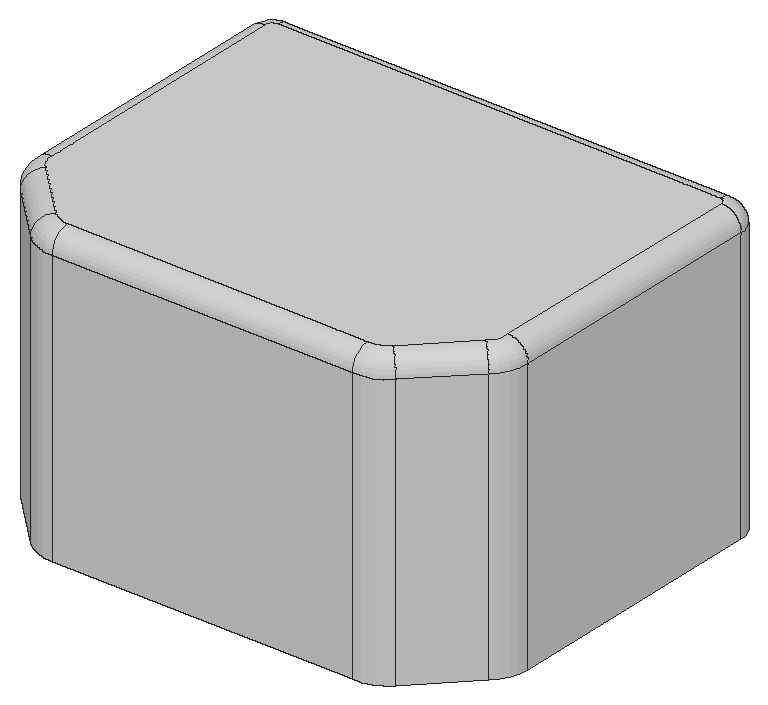
Revit family "NBS_Allermuir_OffcChrs-en-us-HavenBench_90ThreeWayUnit", category Furniture, Revit 2018
Family settings
  Work Plane-Based = No
  Always vertical = Yes
  Cut with Voids When Loaded = No
  Shared = No
  Room Calculation Point = No
Parameters (values of type "Haven_Bench_HAB3WC90")
  WarrantyStartDate [instance] = "1900-12-31T23:59:59"
  WarrantyGuarantorParts = "sales@allermuir.com"
  WarrantyGuarantorLabor = "n/a"
  WarrantyDurationUnit = "year"
  WarrantyDurationParts = "10"
  WarrantyDurationLabor = "n/a"
  WarrantyDescription = "Allermuir warrant that its manufactured products are free from manufacturing defects - in materials or workmanship - for a period of ten (10) years. , Allermuir will repair, or replace (at Allermuir's sole discretion) with comparable free of charge materials / components, any product / component which fails under normal use in a single shift environment, as a result of a defect in the materials and/ or workmanship"
  Version = "1"  # constant formula
  Usage = "Can be used individually or linked with others within the range"
  Uniclass2015Version = "Products v1.15"
  Uniclass2015Title = "Office chairs"
  Uniclass2015Code = "Pr_40_50_12_57"
  TagNumber [instance] = "n/a"
  SustainabilityPerformance = "n/a"
  Style = "Corner unit"
  Status = "UNSET"
  Size = "26 x 17.75 x 30\""
  Shape = "n/a"
  SerialNumber [instance] = "n/a"
  Revision = "n/a"
  ReplacementCost = "n/a"
  Reference = "n/a"
  ProductInformation = "https://www.allermuir.com/products/sofas/haven"
  OmniClassVersion = "Table 22 2012-05-16"
  OmniClassTitle = "Office Seating"
  OmniClassCode = "22-12 52 23"
  NominalWidth = 30"
  NominalLength = 30"
  NominalHeight = 17.75"
  NominalDepth = 26"
  Name = "OfficeChairs_HAB3WC90_Haven_Allermuir"
  NBSReference = "45-35-20/330"
  NBSDescription = "Office chairs"
  NBSCertification = "www.nationalbimlibrary.com/cert/3ozauudp"
  ModelReference = "Haven_Bench"
  ModelNumber = "HAB3WC90"
  Material = "n/a"
  ManufacturerURL = "www.allermuir.com"
  ManufacturerName = "Allermuir"  # constant formula
  Manufacturer = "sales@allermuir.com"
  MainColor = "n/a"
  IsBuiltIn = no
  InstallationDate [instance] = "1900-12-31T23:59:59"
  IfcExportType = "BENCH"  # constant formula
  IfcExportAs = "IfcFurnitureType"  # constant formula
  Grade = "n/a"
  Finish = "Fully uplholstered"
  FeetMaterial = NBS_Allermuir_Plastic_Black
  Features = "Traditional carcass construction, Fully upholstered bench with quilted detail, Plastic glides, Linking device"
  ExpectedLife = "10"
  DurationUnit = "year"
  Description = "90° three way corner unit"
  Constituents = "n/a"
  Color = "n/a"
  CodePerformance = "n/a"
  Category = "Pr_40_50_12_57:Office chairs"
  BenchMaterial = NBS_Allermuir_Fabric
  BarCode [instance] = "n/a"
  BIMObjectName = "NBS_Allermuir_OfficeChairs_Haven_Bench_HAB3WC90-US"
  Author = "NBS"  # constant formula
  AssetType = "Movable"
  AssetIdentifier [instance] = "n/a"
  AccessibilityPerformance = "n/a"
Reference planes (in)
  plane 1 "Center (Front/Back)": y = 0
  plane 2: z = 0
  plane 3 "Center (Left/Right)": x = 0
  plane 4 "Left": x = -14.96063
  plane 5 "Right": x = 14.96063
  plane 6 "Back": y = 10.7806
  plane 7 "Front": y = -12.79528
  plane 8 "Top": z = 18.89764
Forms (in)
  Extrusion 1, solid, material "NBS_Allermuir_Fabric" <- "BenchMaterial", detail levels medium+fine
    sketch origin (0, 0, 0) x (1, 0, 0) y (0, 1, 0)
      loop
        line (-14.96063, 9.20579) -> (-14.96063, -6.91193)
        arc (-14.96063, -6.91193) -> (-14.75085, -7.96657) -> (-14.15344, -8.86065) r 2.75591
        line (-14.15344, -8.86065) -> (-11.026, -11.98809)
        arc (-11.026, -11.98809) -> (-10.13192, -12.58549) -> (-9.07728, -12.79528) r 2.75591
        line (-9.07728, -12.79528) -> (9.07728, -12.79528)
        arc (9.07728, -12.79528) -> (10.13192, -12.58549) -> (11.026, -11.98809) r 2.75591
        line (11.026, -11.98809) -> (14.15344, -8.86065)
        arc (14.15344, -8.86065) -> (14.75085, -7.96657) -> (14.96063, -6.91193) r 2.75591
        line (14.96063, -6.91193) -> (14.96063, 9.20579)
        arc (14.96063, 9.20579) -> (14.49938, 10.31935) -> (13.38583, 10.7806) r 1.5748
        line (13.38583, 10.7806) -> (-13.38583, 10.7806)
        arc (-13.38583, 10.7806) -> (-14.49938, 10.31935) -> (-14.96063, 9.20579) r 1.5748
    from 1.14173 to 18.89764
  Sweep 2, void
    path in 3D
      loop
        arc (9.07728, -12.79528, 18.89764) -> (10.13192, -12.58549, 18.89764) -> (11.026, -11.98809, 18.89764) r 2.75591
        line (11.026, -11.98809, 18.89764) -> (14.15344, -8.86065, 18.89764)
        arc (14.15344, -8.86065, 18.89764) -> (14.75085, -7.96657, 18.89764) -> (14.96063, -6.91193, 18.89764) r 2.75591
        line (14.96063, -6.91193, 18.89764) -> (14.96063, 9.20579, 18.89764)
        arc (14.96063, 9.20579, 18.89764) -> (14.49938, 10.31935, 18.89764) -> (13.38583, 10.7806, 18.89764) r 1.5748
        line (13.38583, 10.7806, 18.89764) -> (-13.38583, 10.7806, 18.89764)
        arc (-13.38583, 10.7806, 18.89764) -> (-14.49938, 10.31935, 18.89764) -> (-14.96063, 9.20579, 18.89764) r 1.5748
        line (-14.96063, 9.20579, 18.89764) -> (-14.96063, -6.91193, 18.89764)
        arc (-14.96063, -6.91193, 18.89764) -> (-14.75085, -7.96657, 18.89764) -> (-14.15344, -8.86065, 18.89764) r 2.75591
        line (-14.15344, -8.86065, 18.89764) -> (-11.026, -11.98809, 18.89764)
        arc (-11.026, -11.98809, 18.89764) -> (-10.13192, -12.58549, 18.89764) -> (-9.07728, -12.79528, 18.89764) r 2.75591
        line (-9.07728, -12.79528, 18.89764) -> (9.07728, -12.79528, 18.89764)
    profile origin (0, -12.79528, 18.89764) x (0, 1, 0) y (0, 0, 1)
      loop
        line (1.1811, 0) -> (0, 0) -> (0, -1.1811)
        arc (0, -1.1811) -> (0.34594, -0.34594) -> (1.1811, 0) r 1.1811
  Extrusion 3, solid, material "NBS_Allermuir_Fabric" <- "BenchMaterial", detail levels coarse
    sketch origin (0, 0, 0) x (1, 0, 0) y (0, 1, 0)
      loop
        line (-14.96063, 12.79528) -> (-14.96063, -7.97192)
        arc (-14.96063, -7.97192) -> (-14.94565, -8.04726) -> (-14.90297, -8.11112) r 0.19685
        line (-14.90297, -8.11112) -> (-10.27647, -12.73762)
        arc (-10.27647, -12.73762) -> (-10.21261, -12.78029) -> (-10.13728, -12.79528) r 0.19685
        line (-10.13728, -12.79528) -> (10.13728, -12.79528)
        arc (10.13728, -12.79528) -> (10.21261, -12.78029) -> (10.27647, -12.73762) r 0.19685
        line (10.27647, -12.73762) -> (14.90297, -8.11112)
        arc (14.90297, -8.11112) -> (14.94565, -8.04726) -> (14.96063, -7.97192) r 0.19685
        line (14.96063, -7.97192) -> (14.96063, 12.79528) -> (-14.96063, 12.79528)
    from 0 to 18.89764
  Extrusion 4, solid, material "NBS_Allermuir_Plastic_Black" <- "FeetMaterial", detail levels medium+fine
    sketch origin (0, 0, 0) x (1, 0, 0) y (0, 1, 0)
      loop
        line (-13.45773, 9.9932) -> (-13.45773, 7.55675) -> (-11.03498, 7.55675) -> (-11.03498, 9.9932) -> (-13.45773, 9.9932)
      loop
        line (13.45773, 9.9932) -> (11.03498, 9.9932) -> (11.03498, 7.55675) -> (13.45773, 7.55675) -> (13.45773, 9.9932)
      loop
        line (-10.17148, -9.76683) -> (-8.45834, -8.05369) -> (-10.18117, -6.33086) -> (-11.89431, -8.044) -> (-10.17148, -9.76683)
      loop
        line (10.17148, -9.76683) -> (11.89431, -8.044) -> (10.18117, -6.33086) -> (8.45834, -8.05369) -> (10.17148, -9.76683)
    from 0 to 1.14173
Cuts and joins
  Sweep 2 cuts Extrusion 1
Lines and regions (in)
  sketch lines
    curve 1: line (-9.07728, -12.79528, 18.89764) -> (9.07728, -12.79528, 18.89764)
    curve 2: arc (11.026, -11.98809, 18.89764) -> (10.13192, -12.58549, 18.89764) -> (9.07728, -12.79528, 18.89764) r 2.75591
    curve 3: line (11.026, -11.98809, 18.89764) -> (14.15344, -8.86065, 18.89764)
    curve 4: arc (14.96063, -6.91193, 18.89764) -> (14.75085, -7.96657, 18.89764) -> (14.15344, -8.86065, 18.89764) r 2.75591
    curve 5: arc (13.38583, 10.7806, 18.89764) -> (14.49938, 10.31935, 18.89764) -> (14.96063, 9.20579, 18.89764) r 1.5748
    curve 6: line (14.96063, -6.91193, 18.89764) -> (14.96063, 9.20579, 18.89764)
    curve 7: line (13.38583, 10.7806, 18.89764) -> (-13.38583, 10.7806, 18.89764)
    curve 8: arc (-14.96063, 9.20579, 18.89764) -> (-14.49938, 10.31935, 18.89764) -> (-13.38583, 10.7806, 18.89764) r 1.5748
    curve 9: line (-14.96063, 9.20579, 18.89764) -> (-14.96063, -6.91193, 18.89764)
    curve 10: arc (-14.15344, -8.86065, 18.89764) -> (-14.75085, -7.96657, 18.89764) -> (-14.96063, -6.91193, 18.89764) r 2.75591
    curve 11: line (-14.15344, -8.86065, 18.89764) -> (-11.026, -11.98809, 18.89764)
    curve 12: arc (-9.07728, -12.79528, 18.89764) -> (-10.13192, -12.58549, 18.89764) -> (-11.026, -11.98809, 18.89764) r 2.75591
Dimensions and locks (in)
  aligned and locked: level to plane 2
  aligned and locked: Extrusion 1 sketch curve to plane 4 "Left"
  aligned and locked: plane 5 "Right" to Extrusion 1 sketch curve
  aligned and locked: Extrusion 1 sketch curve to plane 6 "Back"
  aligned and locked: plane 7 "Front" to Extrusion 1 sketch curve
  aligned and locked: plane 8 "Top" to Extrusion 1
  aligned and locked: Extrusion 1 to Sweep 2 sketch curve
  aligned and locked: profile plane to Sweep 2 sketch curve
  aligned and locked: plane 8 "Top" to Extrusion 3
